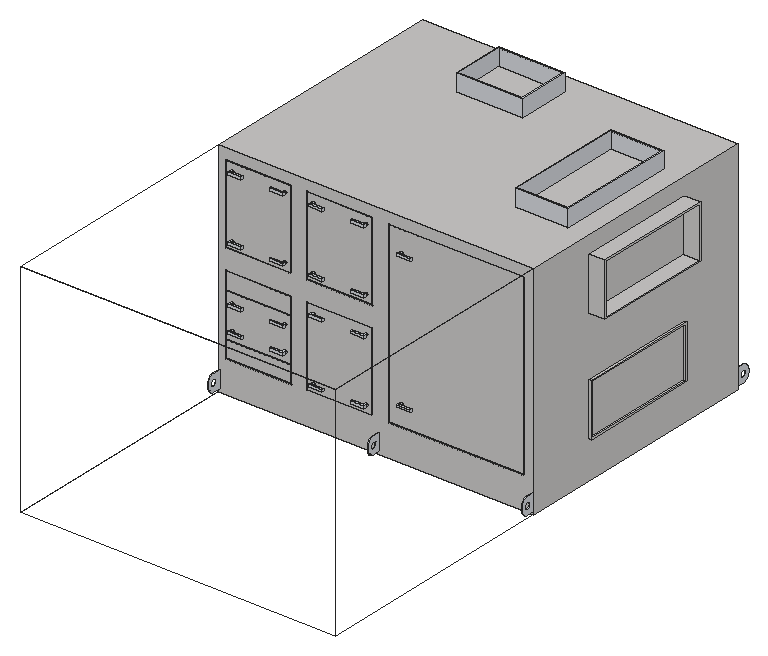
Revit family "DN-3IN-EC-1FP (1)", category Mechanical Equipment, Revit 2019
Family settings
  Round Connector Dimension = Use Diameter
  Part Type = Normal
  OmniClass Number = 23.75.00.00
  OmniClass Title = Climate Control (HVAC)
  Work Plane-Based = No
  Always vertical = Yes
  Cut with Voids When Loaded = No
  Shared = No
  Room Calculation Point = No
Parameters (values of type "2 @ 2.70 kW ea.")
  Voltage [instance] = "200-240 V"
  Unit Weight Range (lbs) [instance] = "2300-2850 lbs."
  Max. Shipping Weight (lbs) [instance] = "2525-3075 lbs."
  Unit Dimensions (L x W x H) [instance] = "101-1/2\" x 86-5/8\" x 71-7/8\""
  Shipping Dimensions (L x W x H) [instance] = "120\" x 90\" x 77\""
  Unit [instance] = Renewaire - Galvanized Steel
  URL = "www.renewaire.com"
  Typical Airflow Range = "750-3,300 CFM"
  Standard Features [instance] = "EC Motors for both airstreams, Direct drive backward inclined plenum, Higher ESP of up to 2.5\" w.g. at 3,000 CFM, Integrated programmable controls, True 100% face and bypass enthalpy based modulating economizer, Class 1 low leakage motorized isolation dampers, Stainless steel double-sloped drain pan with cooling option, 1\" Double wall foam injected 20 gauge galvanized panel construction with R6.5 insulation"
  Service Area Visibility [instance] = yes
  Service Area Box [instance] = Renewaire - Interference
  Revit Object Download Link [instance] = ""
  Phase [instance] = "Three"
  Options [instance] = "DX, heat pump, or chilled water cooling coil, Modulating hot gas reheat, Steam or hot water coil, Onboard variable frequency drives (VFDs) - both airstreams, Fused disconnect, Spring isolators (VFDs only), 2\" Double wall foam injected 20 gauge galvanized panel construction with R13 insulation, Exterior paint - grey, white, custom color, BACNET factory activation, GFCI convenience outlet, Recirculation damper, Drain overflow switch, Electrofin coating for coils"
  Number Motors [instance] = "Qty. 2, Direct drive motorized impeller packages"
  Model = "DN-3IN-1FP-EC"
  Minimum Circuit Amps [instance] = "19.4 A"
  Maximum Overcurrent Protection [instance] = "25 A"
  Manufacturer = "Renewaire LLC"
  Inlets/Outlets [instance] = "OA & RA Inlets: 36\" x 16\", SA Outlet: 24\" x 16\", EA Outlet: 20\" x 16\""
  Frequency [instance] = "50/60 Hz"
  Filters [instance] = "Total qty. 6, MERV 8: 20\" x 20\" x 2\""
  FLA per Motor [instance] = "8.6-7.2"
  Energy Recovery Type [instance] = "Static plate total energy transfer"
  Description = "Energy Recovery Ventilator"
  Accessories [instance] = "Filters - MERV 13, 2\"  and 4\" (shipped loose), MERV 14, 2\" and 4\" (shipped loose), Additional filters available upon request, Duct mounted electric pre-heater (separately powered), Carbon dioxide sensor/control - wall mount (CO2-W), duct mount (CO2-D), IAQ sensor - wall mount (IAQ-W), duct mount (IAQ-D), Motion occupancy sensor/control - ceiling mount (MC-C), wall mount (MC-W), Smoke detector, Room temperature and humidity sensor, Duct static pressure sensor with display to 10\", without display 0-2\", Room pressure sensor with display to 1\", without display 0-1\", Waterless trap negative pressure, Waterless trap positive pressure, Remote display"
  AHRI 1060 Certified Core [instance] = "Three L-125-G5"
Types (6): name | Voltage | Minimum Circuit Amps | Maximum Overcurrent Protection | FLA per Motor
  (no name) | "200-240 V" | "19.4 A" | "25 A" | "8.6-7.2"
  2 @ 2.70 kW ea. | "200-240 V" | "19.4 A" | "25 A" | "8.6-7.2"
  2 @ 3.70 kW ea. | "380-480 V" | "13.5 A" | "15 A" | "6.0-4.6"
  2 @ 5HP ea. 208-230V | "208-230 V" | "31.3 A" | "45 A" | "13.9-13.4/6.7"
  2 @ 5HP ea. 460V | "460V" | "15.1 A" | "20 A" | "6.7"
  2 @ 5HP ea. 575V | "575V" | "11.9 A" | "15 A" | "5.3"
Reference planes (in)
  plane 1 "Center (Front/Back)": y = 0
  plane 2: z = 0
  plane 3 "Center (Left/Right)": x = 0
  plane 4: y = -38.6875
  plane 5: x = -24.5
  plane 6: x = -24.5
Forms (in)
  Extrusion 1, solid, material "Renewaire - Galvanized Steel" <- "Unit"
    sketch origin (0, 0, 0) x (0, 1, 0) y (0, 0, 1)
      loop
        line (38.6875, 66.875) -> (-38.6875, 66.875) -> (-38.6875, 0) -> (38.6875, 0) -> (38.6875, 66.875)
    from 70.875 to -24.5
  Extrusion 2, void
    sketch origin (0, 0, 0) x (1, 0, 0) y (0, 0, 1)
      loop
        line (-2.29085, 63.82394) -> (-22.29085, 63.82394) -> (-22.29085, 39.82168) -> (-2.29085, 39.82168) -> (-2.29085, 63.82394)
      loop
        line (22.23876, 63.82394) -> (2.23876, 63.82394) -> (2.23876, 39.82168) -> (22.23876, 39.82168) -> (22.23876, 63.82394)
      loop
        line (68.1547, 63.82394) -> (27.15471, 63.82394) -> (27.15471, 9.82169) -> (68.1547, 9.82169) -> (68.1547, 63.82394)
      loop
        line (-2.29085, 33.82282) -> (-22.29085, 33.82282) -> (-22.29085, 9.82055) -> (-2.29085, 9.82055) -> (-2.29085, 33.82282)
      loop
        line (22.23876, 33.82282) -> (2.23876, 33.82282) -> (2.23876, 9.82055) -> (22.23876, 9.82055) -> (22.23876, 33.82282)
    from 39.6875 to 37.6875
  Extrusion 3, solid, material "Renewaire - Galvanized Steel" <- "Unit"
    sketch origin (0, 0, 0) x (0, 1, 0) y (0, 0, 1)
      loop
        line (12.02253, 30.88417) -> (-11.97747, 30.88417) -> (-11.97747, 14.88417) -> (12.02253, 14.88417) -> (12.02253, 30.88417)
      loop
        line (11.77253, 30.63417) -> (-11.72747, 30.63417) -> (-11.72747, 15.13417) -> (11.77253, 15.13417) -> (11.77253, 30.63417)
    from -24.5 to -25.5
  Extrusion 4, solid, material "Renewaire - Galvanized Steel" <- "Unit"
    sketch origin (0, 0, 0) x (1, 0, 0) y (0, 0, 1)
      loop
        line (-22.04085, 63.57394) -> (-22.04085, 40.07168) -> (-2.54085, 40.07168) -> (-2.54085, 63.57394) -> (-22.04085, 63.57394)
      loop
        line (27.40471, 63.57394) -> (27.40471, 10.07169) -> (67.9047, 10.07169) -> (67.9047, 63.57394) -> (27.40471, 63.57394)
      loop
        line (-22.04085, 33.57282) -> (-22.04085, 28.57282) -> (-2.54085, 28.57282) -> (-2.54085, 33.57282) -> (-22.04085, 33.57282)
      loop
        line (-22.04085, 10.07055) -> (-2.54085, 10.07055) -> (-2.54085, 15.07055) -> (-22.04085, 15.07055) -> (-22.04085, 10.07055)
      loop
        line (2.48876, 63.57394) -> (2.48876, 40.07168) -> (21.98876, 40.07168) -> (21.98876, 63.57394) -> (2.48876, 63.57394)
      loop
        line (2.48876, 33.57282) -> (2.48876, 10.07055) -> (21.98876, 10.07055) -> (21.98876, 33.57282) -> (2.48876, 33.57282)
      loop
        line (-22.04085, 15.32055) -> (-2.54085, 15.32055) -> (-2.54085, 28.32282) -> (-22.04085, 28.32282) -> (-22.04085, 15.32055)
    from 38.6875 to 37.6875
  Extrusion 5, solid, material "Renewaire - Galvanized Steel" <- "Unit"
    sketch origin (0, 0, 0) x (0, 1, 0) y (0, 0, 1)
      loop
        line (-17.97746, 27.82167) -> (-17.97746, 11.82167) -> (18.02254, 11.82167) -> (18.02254, 27.82167) -> (-17.97746, 27.82167)
      loop
        line (-17.72746, 27.57167) -> (-17.72746, 12.07167) -> (17.77254, 12.07167) -> (17.77254, 27.57167) -> (-17.72746, 27.57167)
    from 71.875 to 70.875
  Extrusion 6, solid, material "Renewaire - Galvanized Steel" <- "Unit"
    sketch origin (0, 0, 0) x (0, 1, 0) y (0, 0, 1)
      loop
        line (-17.97746, 61.86166) -> (-17.97746, 45.86166) -> (18.02254, 45.86166) -> (18.02254, 61.86166) -> (-17.97746, 61.86166)
      loop
        line (-17.72746, 61.61166) -> (-17.72746, 46.11166) -> (17.77254, 46.11166) -> (17.77254, 61.61166) -> (-17.72746, 61.61166)
    from 76 to 70.875
  Extrusion 7, solid, material "Renewaire - Galvanized Steel" <- "Unit"
    sketch origin (0, 0, 0) x (1, 0, 0) y (0, 0, 1)
      loop
        line (22.23876, 61.82394) -> (2.23875, 61.82394) -> (2.23875, 45.82395) -> (22.23876, 45.82395) -> (22.23876, 61.82394)
      loop
        line (21.98876, 61.57394) -> (2.48875, 61.57394) -> (2.48875, 46.07395) -> (21.98876, 46.07395) -> (21.98876, 61.57394)
    from -38.6875 to -43.6875
  Extrusion 8, void
    sketch origin (0, 0, 0) x (1, 0, 0) y (0, 1, 0)
      loop
        line (-22.5, 36.6875) -> (-22.5, -36.6875) -> (68.875, -36.6875) -> (68.875, 36.6875) -> (-22.5, 36.6875)
    from -1 to 6
  Extrusion 9, void
    sketch origin (0, 0, 0) x (1, 0, 0) y (0, 1, 0)
      loop
        line (64.82319, 18.02251) -> (48.8232, 18.02251) -> (48.8232, -17.97749) -> (64.82319, -17.97749) -> (64.82319, 18.02251)
      loop
        line (-2.34229, 11.9775) -> (-18.34229, 11.9775) -> (-18.34229, -12.0225) -> (-2.34229, -12.0225) -> (-2.34229, 11.9775)
    from 4 to 6.125
  Extrusion 10, solid, material "Renewaire - Interference" <- "Service Area Box"
    sketch origin (0, 0, 0) x (1, 0, 0) y (0, 1, 0)
      loop
        line (-24.5, -38.6875) -> (-24.5, -113.6875) -> (70.875, -113.6875) -> (70.875, -38.6875) -> (-24.5, -38.6875)
    from 0 to 66.875
  Extrusion 11, solid
    sketch origin (0, 0, 0) x (1, 0, 0) y (0, 1, 0)
      loop
        line (3.22342, 32.67251) -> (3.22342, 16.67251) -> (23.22341, 16.67251) -> (23.22341, 32.67251) -> (3.22342, 32.67251)
      loop
        line (3.47342, 32.42251) -> (3.47342, 16.92251) -> (22.97341, 16.92251) -> (22.97341, 32.42251) -> (3.47342, 32.42251)
      loop
        line (48.8232, 18.02251) -> (48.8232, -17.97749) -> (64.82319, -17.97749) -> (64.82319, 18.02251) -> (48.8232, 18.02251)
      loop
        line (49.0732, 17.77251) -> (49.0732, -17.72749) -> (64.57319, -17.72749) -> (64.57319, 17.77251) -> (49.0732, 17.77251)
    from 66.875 to 71.875
Cuts and joins
  Extrusion 2, Extrusion 8, Extrusion 9 cuts Extrusion 1
Dimensions and locks (in)
  aligned and locked: level to plane 2
  aligned and locked: cut or joined group of Extrusion 1, Extrusion 2, Extrusion 8, Extrusion 9 to Extrusion 4
  aligned and locked: Extrusion 4 to plane 4
  aligned and locked: Extrusion 6 to cut or joined group of Extrusion 1, Extrusion 2, Extrusion 8, Extrusion 9
  aligned and locked: Extrusion 7 to cut or joined group of Extrusion 1, Extrusion 2, Extrusion 8, Extrusion 9
  aligned and locked: nested 1 to cut or joined group of Extrusion 1, Extrusion 2, Extrusion 8, Extrusion 9
  aligned and locked: Extrusion 10 sketch curve to cut or joined group of Extrusion 1, Extrusion 2, Extrusion 8, Extrusion 9  (x2)
  aligned and locked: Extrusion 10 to level
Nested families (in)
  nested 1: "Lifting Lug" at (-24.25, -38.6875, 0.74993) x (0, -1, 0) z (0, 0, 1), Material <- "Unit", type "Lifting Lug"
    with Material Renewaire - Galvanized Steel
  nested 2: "Lifting Lug" at (24.125, -38.6875, 0.74993) x (0, -1, 0) z (0, 0, 1), Material <- "Unit", type "Lifting Lug"
    with Material Renewaire - Galvanized Steel
  nested 3: "Lifting Lug" at (70.7892, -38.6875, 0.74993) x (0, -1, 0) z (0, 0, 1), Material <- "Unit", type "Lifting Lug"
    with Material Renewaire - Galvanized Steel
  nested 4: "Handle" at (-4.33426, -38.6875, 61.21643), type "Handle"
    with Right Handle no, Left Handle yes, Flip yes
  nested 5: "Handle" at (-4.33426, -38.6875, 42.21643), type "Handle"
    with Right Handle no, Left Handle yes, Flip yes
  nested 6: "Handle" at (-20.24744, -38.6875, 61.21643) x (-1, 0, 0) z (0, 0, 1), type "Handle"
    with Right Handle no, Left Handle yes, Flip yes
  nested 7: "Handle" at (-20.24744, -38.6875, 42.21643) x (-1, 0, 0) z (0, 0, 1), type "Handle"
    with Right Handle no, Left Handle yes, Flip yes
  nested 8: "Handle" at (20.19534, -38.6875, 61.21643), type "Handle"
    with Right Handle no, Left Handle yes, Flip yes
  nested 9: "Handle" at (20.19534, -38.6875, 42.21643), type "Handle"
    with Right Handle no, Left Handle yes, Flip yes
  nested 10: "Handle" at (4.28217, -38.6875, 61.21643) x (-1, 0, 0) z (0, 0, 1), type "Handle"
    with Right Handle no, Left Handle yes, Flip yes
  nested 11: "Handle" at (4.28217, -38.6875, 42.21643) x (-1, 0, 0) z (0, 0, 1), type "Handle"
    with Right Handle no, Left Handle yes, Flip yes
  nested 12: "Handle" at (20.19534, -38.6875, 31.2153), type "Handle"
    with Right Handle no, Left Handle yes, Flip yes
  nested 13: "Handle" at (20.19534, -38.6875, 12.2153), type "Handle"
    with Right Handle no, Left Handle yes, Flip yes
  nested 14: "Handle" at (4.28217, -38.6875, 31.2153) x (-1, 0, 0) z (0, 0, 1), type "Handle"
    with Right Handle no, Left Handle yes, Flip yes
  nested 15: "Handle" at (4.28217, -38.6875, 12.2153) x (-1, 0, 0) z (0, 0, 1), type "Handle"
    with Right Handle no, Left Handle yes, Flip yes
  nested 16: "Handle" at (-4.33426, -38.6875, 25.36287), type "Handle"
    with Right Handle no, Left Handle yes, Flip yes
  nested 17: "Handle" at (-4.33426, -38.6875, 17.9653), type "Handle"
    with Right Handle no, Left Handle yes, Flip yes
  nested 18: "Handle" at (-20.24744, -38.6875, 25.36287) x (-1, 0, 0) z (0, 0, 1), type "Handle"
    with Right Handle no, Left Handle yes, Flip yes
  nested 19: "Handle" at (-20.24744, -38.6875, 17.9653) x (-1, 0, 0) z (0, 0, 1), type "Handle"
    with Right Handle no, Left Handle yes, Flip yes
  nested 20: "Lifting Lug" at (70.7892, 38.6875, 0.74993) x (0, 1, 0) z (0, 0, 1), Material <- "Unit", type "Lifting Lug"
    with Material Renewaire - Galvanized Steel
  nested 21: "Handle" at (30.90471, -38.6875, 57.07394) x (-1, 0, 0) z (0, 0, 1), type "Handle"
    with Right Handle no, Left Handle yes, Flip yes
  nested 22: "Handle" at (30.90471, -38.6875, 16.09892) x (-1, 0, 0) z (0, 0, 1), type "Handle"
    with Right Handle no, Left Handle yes, Flip yes
  nested 23: "Lifting Lug" at (-24.25, 38.6875, 0.74993) x (0, 1, 0) z (0, 0, 1), Material <- "Unit", type "Lifting Lug"
    with Material Renewaire - Galvanized Steel
  nested 24: "Lifting Lug" at (24.125, 38.6875, 0.74993) x (0, 1, 0) z (0, 0, 1), Material <- "Unit", type "Lifting Lug"
    with Material Renewaire - Galvanized Steel
Connectors (in)
  hvac at (-25.5, 0.02253, 22.88417)
    settings: on Extrusion 3, index 1, duct flow 0 CFM, flow factor 0, pres drop 0.00 in-wg, loss coef 0, conn angle 0.00°, conn width 24", conn height 16", conn diameter 24", duct sys type 1, conn prof type 1, flow config 0, flow direction 2, loss method 0, conn ref index -1, conn util no, is conn primary yes, conn desc "Supply Air (SA)"
  hvac at (56.8232, 0.02251, 6)
    settings: on cut or joined group of Extrusion 1, Extrusion 2, Extrusion 8, Extrusion 9, index 3, duct flow 0 CFM, flow factor 0, pres drop 0.00 in-wg, loss coef 0, conn angle 0.00°, conn width 36", conn height 16", conn diameter 24", duct sys type 2, conn prof type 1, flow config 0, flow direction 1, loss method 0, conn ref index -1, conn util no, is conn primary no, conn desc "Return Air (RA)"
  hvac at (71.875, 0.02254, 19.82167)
    settings: on Extrusion 5, index 4, duct flow 0 CFM, flow factor 0, pres drop 0.00 in-wg, loss coef 0, conn angle 0.00°, conn width 36", conn height 16", conn diameter 24", duct sys type 2, conn prof type 1, flow config 0, flow direction 1, loss method 0, conn ref index -1, conn util no, is conn primary no, conn desc "Return Air (RA)"
  hvac at (76, 0.02254, 53.86166)
    settings: on Extrusion 6, index 5, duct flow 0 CFM, flow factor 0, pres drop 0.00 in-wg, loss coef 0, conn angle 0.00°, conn width 36", conn height 16", conn diameter 24", duct sys type 4, conn prof type 1, flow config 0, flow direction 1, loss method 0, conn ref index -1, conn util no, is conn primary no, conn desc "Outside Air (AO)"
  hvac at (12.23876, 43.6875, 53.82395)
    settings: on Extrusion 7, index 8, duct flow 0 CFM, flow factor 0, pres drop 0.00 in-wg, loss coef 0, conn angle 0.00°, conn width 20", conn height 16", conn diameter 24", duct sys type 3, conn prof type 1, flow config 0, flow direction 2, loss method 0, conn ref index -1, conn util no, is conn primary no, conn desc "Exhaust Air (EA)"
  hvac at (13.22341, 24.67251, 71.875)
    settings: on Extrusion 11, index 10, duct flow 0 CFM, flow factor 0, pres drop 0.00 in-wg, loss coef 0, conn angle 0.00°, conn width 20", conn height 16", conn diameter 24", duct sys type 3, conn prof type 1, flow config 0, flow direction 2, loss method 0, conn ref index -1, conn util no, is conn primary no, conn desc "Exhaust Air (EA)"
  hvac at (56.8232, 0.02251, 71.875)
    settings: on Extrusion 11, index 11, duct flow 0 CFM, flow factor 0, pres drop 0.00 in-wg, loss coef 0, conn angle 0.00°, conn width 16", conn height 36", conn diameter 24", duct sys type 4, conn prof type 1, flow config 0, flow direction 1, loss method 0, conn ref index -1, conn util no, is conn primary no, conn desc "Outside Air (AO)"
  hvac at (-10.34229, -0.0225, 6.125)
    settings: on cut or joined group of Extrusion 1, Extrusion 2, Extrusion 8, Extrusion 9, index 12, duct flow 0 CFM, flow factor 0, pres drop 0.00 in-wg, loss coef 0, conn angle 0.00°, conn width 16", conn height 24", conn diameter 24", duct sys type 1, conn prof type 1, flow config 0, flow direction 2, loss method 0, conn ref index -1, conn util no, is conn primary no, conn desc "Supply Air (SA)"
Definition of nested family "Lifting Lug"
  Parameters (values of type "Lifting Lug")
    Material [instance] = none
  Reference planes (in)
    plane 1 "Center (Front/Back)": y = 0
    plane 2: z = 0
    plane 3 "Center (Left/Right)": x = 0
  Forms (in)
    Extrusion 1, solid
      sketch origin (0, 0, 0) x (1, 0, 0) y (0, 0, 1)
        loop
          line (0, 0.1875) -> (2, 0.1875)
          arc (2, 0.1875) -> (3.41421, 0.77329) -> (4, 2.1875) r 2
          line (4, 2.1875) -> (4, 3.1875)
          arc (4, 3.1875) -> (3.41421, 4.60171) -> (2, 5.1875) r 2
          line (2, 5.1875) -> (0, 5.1875) -> (0, 0.1875)
        loop
          circle (2.125, 2.6875) r 1
      from 0 to 0.25
  Dimensions and locks (in)
    aligned and locked: plane 2 to level
Definition of nested family "Handle"
  Parameters (values of type "Handle")
    Right Handle [instance] = not(Flip)  # no
    Material = none
    Left Handle [instance] = Flip  # yes
    Flip [instance] = yes
  Reference planes (in)
    plane 1 "Center (Front/Back)": y = 0
    plane 2: z = 0
    plane 3 "Center (Left/Right)": x = 0
  Forms (in)
    Extrusion 1, solid, material <- "Material"
      sketch origin (0, 0, 0) x (1, 0, 0) y (0, 0, 1)
        loop
          circle (0, 0) r 0.375
      from 0 to 0.75
    Extrusion 2, solid, material <- "Material", visible <- "Right Handle"
      sketch origin (0, 0, 0) x (1, 0, 0) y (0, 1, 0)
        loop
          line (-0.375, -0.75) -> (-0.375, -1.25) -> (3.625, -1.25) -> (3.625, -0.75) -> (-0.375, -0.75)
      from -0.375 to 0.375
    Extrusion 3, solid, material <- "Material", visible <- "Left Handle"
      sketch origin (-3.25, 0, 0) x (1, 0, 0) y (0, 1, 0)
        loop
          line (-0.375, -0.75) -> (-0.375, -1.25) -> (3.625, -1.25) -> (3.625, -0.75) -> (-0.375, -0.75)
      from -0.375 to 0.375
  Dimensions and locks (in)
    aligned and locked: plane 2 to level
